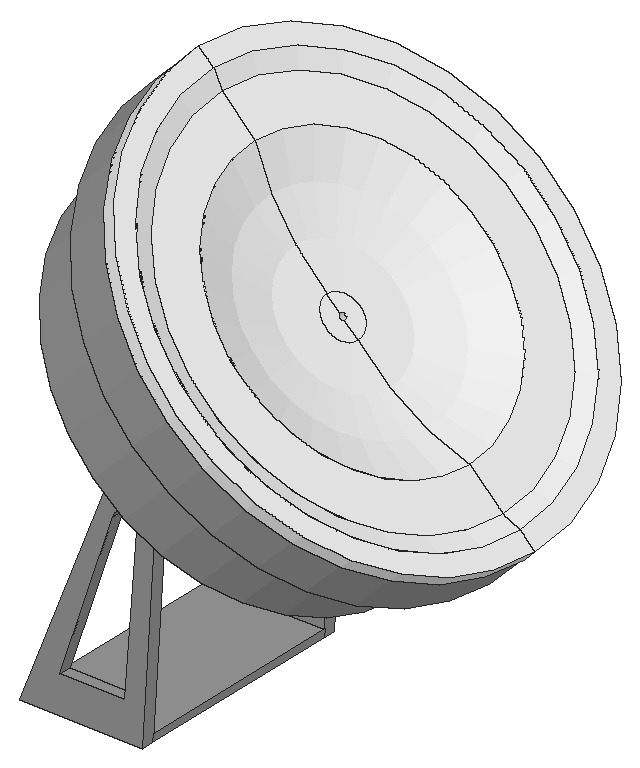
Revit family "Lighting_Outside_L&L-Luce&Light_Moby-P-3.1", category Lighting Fixtures, host Face, Revit 2020
Family settings
  Host = Face
  Round Connector Dimension = Use Diameter
  Part Type = Normal
  Cut with Voids When Loaded = No
  Light Source = No
  Shared = No
  Room Calculation Point = No
Parameters (values of type "MOBY P 3.1 L 2700K 30W 24Vdc")
  supporto = L&L Luce&Light - AISI 316L stainless steel
  ghiera = L&L Luce&Light - Glass
  Youtube clip = ""
  Weight Net (Kg) = "3.26"
  Uniformat II Description = ""
  Uniformat II Code = ""
  Uniclass 2015 Name = ""
  Uniclass 2015 Code = ""
  Uniclass 2.0 Description = ""
  Uniclass 2.0 Code = ""
  Uniclass 1.4 Description = ""
  Uniclass 1.4 Code = ""
  URL = "https://www.lucelight.it/en/"
  UNSPSC Code = ""
  Technical description = "https://www.lucelight.it/media/prodotti/st/ST_MOBY_P_31.pdf"
  Rotation Light [instance] = 45.00°
  Region South America = "AR, BO, BR, CL, CO, EC, FK, GF, GY, PE, PY, SR, UY, VE"
  Region Oceania = "AS, AU, CK, FJ, FM, GU, KI, MH, MP, NC, NF, NR, NU, NZ, PF, PG, PN, PW, SB, TK, TL, TO, TV, UM, WF, WS, VU"
  Region North America = "AG, AI, AW, BB, BL, BM, BQ, BS, BZ, CA, CR, CU, CW, DM, DO, GD, GL, GP, GT, HN, HT, JM, KN, KY, LC, MF, MQ, MS, MX, NI, PA, PM, PR, SV, SX, TC, TT, US, VC, VG, VI"
  Region Middle East = "AE, AF, BH, EG, IL, IQ, IR, JO, KW, LB, OM, PS, QA, SA, SY, TR, YE"
  Region Europe = "AD, AL, AT, AX, BA, BE, BG, BY, CH, CY, CZ, DE, DK, EE, ES, FI, FO, FR, GB, GG, GI, GR, HR, HU, IE, IM, IS, IT, JE, LI, LT, LU, LV, MC, MD, ME, MK, MT, NL, NO, PL, PT, RO, RS, RU, SE, SI, SJ, SK, SM, UA, VA"
  Region Asia = "AM, AZ, BD, BN, BT, CC, CN, CX, GE, HK, ID, IN, IO, JP, KG, KH, KP, KR, KZ, LA, LK, MM, MN, MO, MV, MY, NP, PH, PK, SG, TH, TJ, TM, TW, UZ, VN"
  Region Antarctica = "None"
  Region Africa = "AO, BF, BI, BJ, BW, CD, CF, CG, CI, CM, CV, DJ, DZ, EH, ER, ET, GA, GH, GM, GN, GQ, GW, KE, KM, LR, LS, LY, MA, MG, ML, MR, MU, MW, MZ, NA, NE, NG, RE, RW, SC, SD, SH, SL, SN, SO, SS, ST, SZ, TD, TG, TN, TZ, UG, YT, ZA, ZM, ZW"
  QR code = "http://bimobject.com/luce-and-light/product/Moby_P_31"
  Product url = "http://www.lucelight.it/en/prodotto.php/7636"
  Product group = "Projector"
  Product family = "Underwater"
  Product data url = "https://bimobject.com/luce-and-light/product/Moby_P_31"
  Product certification = ""
  Product SKU = "Moby_P_31"
  Product Guid = "004bfd0b-aa56-4f52-a695-122b3372f923"
  OmniClass Description = ""
  OmniClass Code = ""
  Nominal width = "193 mm"
  Nominal height = "216 mm"
  NBS Reference Description = ""
  NBS Reference Code = ""
  Masterformat 2014 Description = ""
  Masterformat 2014 Code = ""
  Manufacturer name = "L&L Luce&Light"
  Manufacturer country = "Italy"
  Luce-Light_lumen-output-at-source = "2537 lm (3000K),  RGBW: 1474 lm, R: 231 lm G: 432 lm B: 118 lm W: 693 lm (4000K),  cyan: 1303 lm"
  Luce-Light_Total_flow_rate = "1876 lm (3000K, 34°),  RGBW: 1090 lm, R: 171 lm, G: 319 lm, B: 87 lm, W: 513 lm (4000K, 34°),  cyan: 961 lm (34°)"
  Luce-Light_Screen_material = "glass cover with vitrified serigraphy"
  Luce-Light_Rated_power_input = ""
  Luce-Light_Power_Class = "24Vdc"
  Luce-Light_Power = "30W"
  Luce-Light_Optical_assembly = "22°, 34°, 62°, 31°x64°"
  Luce-Light_Note = ""
  Luce-Light_Mounting = "surface mounted (wall, floor), max depth 10 m"
  Luce-Light_LED_light_sources = "5 power LEDs groups, RGBW: 5 RGBW LEDs groups, Cyan: 5 Cyan LEDs groups"
  Luce-Light_LED_light_intensity = ""
  Luce-Light_LED_colour = "2700K, 3000K, 4000K, RGBW, shades of cyan"
  Luce-Light_IP = "68"
  Luce-Light_IK = "10"
  Luce-Light_Finishes_material = ""
  Luce-Light_Color_Rendering_Index_CRI = "≥80"
  Luce-Light_Classification = "CE"
  Luce-Light_Body_material = "body in thermally conductive plastic, bracket in AISI 316L stainless steel"
  Luce-Light_Applications = "underwater"
  Luce-Light_Accessories = "honeycomb louvre"
  Installation instructions = "https://www.lucelight.it/media/prodotti/si/DPRPMO311_Moby_P_10-11-20-21-30-31.pdf"
  IFC Classification = ""
  GTIN code = ""
  Edition number = 1
  Design country = "Italy"
  Default Elevation = 1219.2 mm
  Manufacturer = "L&L Luce&Light"
  Model = "Moby P 3.1"
  Lamp = "LED"
  Diametro apparecchio = 193 mm
  Description = ""
  Wattage Comments = ""
  Date of publishing = "12/19/2018"
  built-in parameter 1114216 [instance] = 1 (stored number, unit not read)
  COBIe Type Category = ""
  Brand url = "https://www.lucelight.it/en/"
  BIMobject main category code = "lighting"
  BIMobject main category = "Lighting"
  BIMobject category code = "lighting-outside"
  BIMobject category = "Outside"
  Assembly Code = ""
  Apparent Load = 30 VA
  Apparecchio = L&L Luce&Light - Thermally conductive plastic
Types (20): name
  MOBY P 3.1 L 2700K 30W 24Vdc
  MOBY P 3.1 L 3000K 30W 24Vdc
  MOBY P 3.1 L 4000K 30W 24Vdc
  MOBY P 3.1 L CYAN 30W 24Vdc
  MOBY P 3.1 L RGBW 30W 24Vdc
  MOBY P 3.1 M 2700K 30W 24Vdc
  MOBY P 3.1 M 3000K 30W 24Vdc
  MOBY P 3.1 M 4000K 30W 24Vdc
  MOBY P 3.1 M CYAN 30W 24Vdc
  MOBY P 3.1 M RGBW 30W 24Vdc
  MOBY P 3.1 S 2700K 30W 24Vdc
  MOBY P 3.1 S 3000K 30W 24Vdc
  MOBY P 3.1 S 4000K 30W 24Vdc
  MOBY P 3.1 S CYAN 30W 24Vdc
  MOBY P 3.1 S RGBW 30W 24Vdc
  MOBY P 3.1 W 2700K 30W 24Vdc
  MOBY P 3.1 W 3000K 30W 24Vdc
  MOBY P 3.1 W 4000K 30W 24Vdc
  MOBY P 3.1 W CYAN 30W 24Vdc
  MOBY P 3.1 W RGBW 30W 24Vdc
Reference planes
  plane 1 "Centro (Fronte/Retro)": y = 0
  plane 2: z = 0
  plane 3 "Centro (Sinistra/Destra)": x = 0
  plane 4: z = 105.514
Forms (mm)
  Extrusion 1, solid, material "L&L Luce&Light - AISI 316L stainless steel" <- "supporto"
    sketch origin (-0.279, 0, 0) x (1, 0, 0) y (0, 0, 1)
      loop
        line (-47.116, 0) -> (2.701, 0) -> (8.918, 103.43)
        arc (8.918, 103.43) -> (4.89, 111.752) -> (-4.16, 109.857) r 7.509
        line (-4.16, 109.857) -> (-47.116, 0)
      loop
        line (-31.141, 15) -> (-4.918, 15) -> (0.279, 77.862)
        arc (0.279, 77.862) -> (-4.057, 82.881) -> (-9.721, 79.431) r 5.131
        line (-9.721, 79.431) -> (-31.141, 15)
      loop
        circle (0.709, 105.516) r 4.106
    from 44.052 to 49.052
  Extrusion 2, solid, material "L&L Luce&Light - AISI 316L stainless steel" <- "supporto"
    sketch origin (-0.279, 0, 0) x (1, 0, 0) y (0, 0, 1)
      loop
        line (-47.116, 0) -> (2.701, 0) -> (8.918, 103.43)
        arc (8.918, 103.43) -> (4.89, 111.752) -> (-4.16, 109.857) r 7.509
        line (-4.16, 109.857) -> (-47.116, 0)
      loop
        circle (0.709, 105.516) r 4.106
      loop
        line (-4.918, 15) -> (0.414, 79.499)
        arc (0.414, 79.499) -> (-4.071, 83.412) -> (-9.333, 80.631) r 5.256
        line (-9.333, 80.631) -> (-31.141, 15) -> (-4.918, 15)
    from -47.246 to -42.246
  Extrusion 3, solid, material "L&L Luce&Light - AISI 316L stainless steel" <- "supporto"
    sketch origin (-1.871, 0, 0) x (1, 0, 0) y (0, 0, 1)
      loop
        line (4.292, 0) -> (4.568, 3.152) -> (-43.777, 3.152) -> (-45.525, 0) -> (4.292, 0)
    from -42.246 to 44.052
  Revolve 4, solid, material "Acciaio, qualità superiore"
    sketch origin (0, 0, 105.514) x (0.707107, 0, 0.707107) y (-0.707107, 0, 0.707107)
      loop
        line (-12.78, 30) -> (-12.78, 5) -> (55.352, 5)
        arc (55.352, 5) -> (55.896, 49.176) -> (70.352, 90.923) r 138.204
        line (70.352, 90.923) -> (70.352, 95.564) -> (50.352, 95.564) -> (50.352, 82.115) -> (12.351, 82.115) -> (12.351, 30) -> (-12.78, 30)
      axis (70.352, 0) -> (-12.78, 0)
    angle from 0 to 360
  Revolve 5, solid, material "L&L Luce&Light - Glass" <- "ghiera"
    sketch origin (0, 0, 105.514) x (0.707107, 0, 0.707107) y (-0.707107, 0, 0.707107)
      loop
        line (70.352, 96) -> (70.352, 62.374)
        arc (70.352, 62.374) -> (60.619, 36.328) -> (58.917, 8.576) r 94.153
        line (58.917, 8.576) -> (58.917, 1.524) -> (61.906, 1.524) -> (61.906, 8.836)
        arc (61.906, 8.836) -> (63.614, 35.986) -> (73.257, 61.423) r 91.153
        line (73.257, 61.423) -> (73.257, 80.3) -> (75.976, 87.698) -> (75.976, 96) -> (70.352, 96)
      axis (58.917, 0) -> (75.976, 0)
    angle from 0 to 360
  Revolve 6, solid, material "L&L Luce&Light - AISI 316L stainless steel" <- "supporto"
    sketch origin (0, 0, 0.171) x (0, 1, 0) y (0, 0, 1)
      loop
        line (47.246, 110.511) -> (47.246, 105.828) -> (50.444, 105.828) -> (50.444, 109.084)
        arc (50.444, 109.084) -> (49.65, 110.119) -> (48.407, 110.511) r 2.168
        line (48.407, 110.511) -> (47.246, 110.511)
      axis (47.246, 105.514) -> (50.444, 105.514)
    angle from 0 to 360
  Revolve 7, solid, material "L&L Luce&Light - AISI 316L stainless steel" <- "supporto"
    sketch origin (0, -1.845, 0.171) x (0, -1, 0) y (0, 0, 1)
      loop
        line (47.246, 110.511) -> (47.246, 105.828) -> (50.444, 105.828) -> (50.444, 109.084)
        arc (50.444, 109.084) -> (49.65, 110.119) -> (48.407, 110.511) r 2.168
        line (48.407, 110.511) -> (47.246, 110.511)
      axis (47.246, 105.514) -> (50.444, 105.514)
    angle from 0 to 360
  Extrusion 8, solid
    sketch origin (0, 0, 105.514) x (0.707107, 0, 0.707107) y (-0.707107, 0, 0.707107)
      loop
        line (12, 15.421) -> (-12, 15.421) -> (-12, -12) -> (12, -12) -> (12, 15.421)
    from 39.367 to 44.052
  Extrusion 9, solid
    sketch origin (0, 0, 105.514) x (0.707107, 0, 0.707107) y (-0.707107, 0, 0.707107)
      loop
        line (12, 15.421) -> (-12, 15.421) -> (-12, -12) -> (12, -12) -> (12, 15.421)
    from -42.246 to -38.155
Lines and regions (mm)
  reference lines
    curve 1: line (0, 0, 105.514) -> (56.569, 0, 162.083)
Dimensions and locks
  Extrusion 1 to Extrusion 2 = 86.298 mm
  locked: Extrusion 2 to Extrusion 2 at 5
  locked: Extrusion 1 to Extrusion 1 at 5
  "Rotation Light": angle plane 4 to curve 1
  aligned and locked: plane 2 to host face
  aligned and locked: level to host face
  aligned and locked: Extrusion 3 to Extrusion 2
  aligned and locked: Extrusion 3 to Extrusion 1
  aligned and locked: plane 4 to curve 1
  aligned and locked: plane 3 "Centro (Sinistra/Destra)" to curve 1
Automatic sketch dimensions
  host sketch curve to host sketch curve = 2438.4 mm  (x2)
  Extrusion 2 sketch curve to level = 0 mm
  Extrusion 2 sketch curve to plane 3 "Centro (Sinistra/Destra)" = 47.395 mm
  Extrusion 2 sketch curve to Extrusion 2 sketch curve = 15.975 mm
  Extrusion 2 sketch curve to plane 3 "Centro (Sinistra/Destra)" = 9.611 mm
  Extrusion 2 sketch curve to Extrusion 2 sketch curve = 4.656 mm
  Extrusion 2 sketch curve to plane 3 "Centro (Sinistra/Destra)" = 5.197 mm
  Extrusion 2 sketch curve to plane 3 "Centro (Sinistra/Destra)" = 4.439 mm
  Extrusion 2 sketch curve to Extrusion 2 sketch curve = 5.091 mm
  plane 4 to Extrusion 2 sketch curve = 0.002 mm
  plane 3 "Centro (Sinistra/Destra)" to Extrusion 2 sketch curve = 0.43 mm
  Extrusion 2 sketch curve to plane 4 = 0.501 mm
  Extrusion 2 sketch curve to Extrusion 2 sketch curve = 0.869 mm
  plane 3 "Centro (Sinistra/Destra)" to Extrusion 2 sketch curve = 2.422 mm
  Extrusion 2 sketch curve to plane 4 = 2.084 mm
  Extrusion 2 sketch curve to Extrusion 2 sketch curve = 7.34 mm
  level to Extrusion 2 sketch curve = 15 mm
  Extrusion 2 sketch curve to plane 4 = 27.323 mm
  Extrusion 2 sketch curve to Extrusion 2 sketch curve = 1.308 mm
  Extrusion 3 sketch curve to level = 0 mm
  Extrusion 3 sketch curve to plane 3 "Centro (Sinistra/Destra)" = 47.395 mm
  level to Extrusion 3 sketch curve = 3.152 mm
  Extrusion 3 sketch curve to Extrusion 3 sketch curve = 1.747 mm
  plane 3 "Centro (Sinistra/Destra)" to Extrusion 3 sketch curve = 2.422 mm
  plane 3 "Centro (Sinistra/Destra)" to Extrusion 3 sketch curve = 2.698 mm
  plane 4 to Revolve 6 sketch curve = 5.168 mm
  Revolve 6 sketch curve to plane 1 "Centro (Fronte/Retro)" = 47.246 mm
  Revolve 6 sketch curve to Revolve 6 sketch curve = 1.161 mm
  Revolve 6 sketch curve to Revolve 6 sketch curve = 2.037 mm
  Revolve 6 sketch curve to Revolve 6 sketch curve = 1.426 mm
  plane 4 to Revolve 6 sketch curve = 0.485 mm
  plane 4 to Revolve 6 sketch curve = 0.171 mm
  Revolve 6 sketch curve to Revolve 6 sketch curve = 1.264 mm
  Revolve 6 sketch curve to Revolve 6 sketch curve = 0.075 mm
  Revolve 7 sketch curve to plane 4 = 5.168 mm
  Revolve 7 sketch curve to plane 1 "Centro (Fronte/Retro)" = 49.091 mm
  Revolve 7 sketch curve to Revolve 7 sketch curve = 1.161 mm
  Revolve 7 sketch curve to Revolve 7 sketch curve = 2.037 mm
  Revolve 7 sketch curve to Revolve 7 sketch curve = 1.426 mm
  Revolve 7 sketch curve to plane 4 = 0.485 mm
  Revolve 7 sketch curve to plane 4 = 0.171 mm
  Revolve 7 sketch curve to Revolve 7 sketch curve = 1.264 mm
  Revolve 7 sketch curve to Revolve 7 sketch curve = 0.075 mm
  Extrusion 8 sketch curve to curve 1 = 12 mm
  curve 1 to Extrusion 8 sketch curve = 12 mm  (x2)
  curve 1 to Extrusion 8 sketch curve = 15.421 mm
  Extrusion 9 sketch curve to curve 1 = 12 mm
  curve 1 to Extrusion 9 sketch curve = 12 mm  (x2)
  curve 1 to Extrusion 9 sketch curve = 15.421 mm
  Extrusion 1 sketch curve to level = 0 mm
  Extrusion 1 sketch curve to plane 3 "Centro (Sinistra/Destra)" = 0 mm
  Extrusion 1 sketch curve to plane 3 "Centro (Sinistra/Destra)" = 4.439 mm
  Extrusion 1 sketch curve to plane 3 "Centro (Sinistra/Destra)" = 5.131 mm
  Extrusion 1 sketch curve to plane 3 "Centro (Sinistra/Destra)" = 5.197 mm
  Extrusion 1 sketch curve to Extrusion 1 sketch curve = 26.223 mm
  Extrusion 1 sketch curve to Extrusion 1 sketch curve = 15.975 mm
  plane 4 to Extrusion 1 sketch curve = 0.002 mm
  plane 3 "Centro (Sinistra/Destra)" to Extrusion 1 sketch curve = 0.43 mm
  Extrusion 1 sketch curve to plane 4 = 0.501 mm
  Extrusion 1 sketch curve to Extrusion 1 sketch curve = 0.869 mm
  plane 3 "Centro (Sinistra/Destra)" to Extrusion 1 sketch curve = 2.422 mm
  Extrusion 1 sketch curve to plane 4 = 2.084 mm
  Extrusion 1 sketch curve to Extrusion 1 sketch curve = 7.34 mm
  level to Extrusion 1 sketch curve = 15 mm
  Extrusion 1 sketch curve to plane 4 = 27.702 mm
  Extrusion 1 sketch curve to plane 3 "Centro (Sinistra/Destra)" = 3.676 mm
  Extrusion 1 sketch curve to Extrusion 1 sketch curve = 4.869 mm
  Extrusion 1 sketch curve to Extrusion 1 sketch curve = 0.05 mm
  Revolve 5 sketch curve to Revolve 5 sketch curve = 0 mm  (x2)
  Revolve 5 sketch curve to curve 1 = 0 mm
  Revolve 5 sketch curve to curve 1 = 1.524 mm
  Revolve 5 sketch curve to curve 1 = 21.083 mm
  Revolve 5 sketch curve to Revolve 5 sketch curve = 2.989 mm
  Revolve 5 sketch curve to curve 1 = 9.648 mm
  Revolve 5 sketch curve to curve 1 = 6.743 mm
  Revolve 5 sketch curve to curve 1 = 4.024 mm
  Revolve 5 sketch curve to curve 1 = 16.753 mm
  curve 1 to Revolve 5 sketch curve = 72.715 mm
  Revolve 5 sketch curve to Revolve 5 sketch curve = 7.051 mm
  Revolve 5 sketch curve to Revolve 5 sketch curve = 0.261 mm
  curve 1 to Revolve 5 sketch curve = 80.3 mm
  curve 1 to Revolve 5 sketch curve = 87.698 mm
  curve 1 to Revolve 5 sketch curve = 96 mm
  Revolve 5 sketch curve to Revolve 5 sketch curve = 18.917 mm
  curve 1 to Revolve 5 sketch curve = 5 mm
  Revolve 4 sketch curve to curve 1 = 0 mm
  Revolve 4 sketch curve to curve 1 = 12.78 mm
  curve 1 to Revolve 4 sketch curve = 12.351 mm
  Revolve 4 sketch curve to curve 1 = 29.648 mm
  Revolve 4 sketch curve to curve 1 = 5 mm
  Revolve 4 sketch curve to curve 1 = 24.648 mm
  Revolve 4 sketch curve to curve 1 = 9.648 mm
  Revolve 4 sketch curve to curve 1 = 25.408 mm
  curve 1 to Revolve 4 sketch curve = 112.041 mm
  curve 1 to Revolve 4 sketch curve = 30 mm
  curve 1 to Revolve 4 sketch curve = 82.115 mm
  Revolve 4 sketch curve to Revolve 4 sketch curve = 13.449 mm
  Revolve 4 sketch curve to Revolve 4 sketch curve = 25 mm
  Revolve 4 sketch curve to Revolve 4 sketch curve = 5 mm
  radius of Extrusion 2 sketch curve = 4.106 mm
Nested families
  nested 1: "Famiglia2" at (44.852, 0, 148.21) x (0, 1, 0) z (0.7071, 0, 0.7071), type "MOBY P 3.1 L 2700K 30W 24Vdc"
Connectors
  electrical at (-21.475, -0.903, 3.152)
    settings: on Extrusion 3, index 1, voltage 0 V, apparent load 0 VA, apparent load phase1 30 VA, apparent load phase2 0 VA, apparent load phase3 0 VA, power factor 1, load classification "Altro", number of poles 1, system type 31, power factor state 1, is connector primary yes, connector utility no, sub classification motor no, connector description ""
Definition of nested family "Famiglia2"
  Parameters (values of type "MOBY P 3.1 W 2700K 30W 24Vdc")
    Wattage = 30 W
    Emit from Circle Diameter = 155 mm
    Emit Shape Visible in Rendering = no
    Dimming Lamp Color Temperature Shift = (empty or 0)
    built-in parameter 1150107 = 2700 (stored number, unit not read)
    Default Elevation = 1219.2 mm
    built-in parameter 1150110 = 1 (stored number, unit not read)
    built-in parameter 1150109 = 1 (stored number, unit not read)
    built-in parameter 1114218 = 1 (stored number, unit not read)
    built-in parameter 1150112 = 1 (stored number, unit not read)
    built-in parameter 1150137 = (empty or 0)
    built-in parameter 1150132 = (empty or 0)
    Lamp = "Led"
    built-in parameter 1150105 = 201.9 (stored number, unit not read)
    built-in parameter 1150102 = (empty or 0)
    built-in parameter 1150106 = 2.019 (stored number, unit not read)
    Lumens = 2537.1 lm
    Color Filter = 16777215
    Photometric Web File = "MOBY P 3.1 W [2700K 30W 24Vdc].IES"
    built-in parameter 1114217 = 1 (stored number, unit not read)
    built-in parameter 1150139 = (empty or 0)
    built-in parameter 1150104 = 7.8568 (stored number, unit not read)
    built-in parameter 1150115 = 1 (stored number, unit not read)
    built-in parameter 1150114 = 1 (stored number, unit not read)
    built-in parameter 1150113 = 1 (stored number, unit not read)
    built-in parameter 1150134 = (empty or 0)
    built-in parameter 1150138 = (empty or 0)
    Apparent Load = 30 VA
    Tilt Angle = 90.00°
    built-in parameter 1150133 = 10 (stored number, unit not read)
  Types (20, lengths in mm): name | built-in parameter 1150107 | Photometric Web File | built-in parameter 1150134
    MOBY P 3.1 L 2700K 30W 24Vdc | 2700 (stored number, unit not read) | "MOBY P 3.1 L [2700K 30W 24Vdc].IES" | (empty or 0)
    MOBY P 3.1 L 3000K 30W 24Vdc | 3000 (stored number, unit not read) | "MOBY P 3.1 L [3000K 30W 24Vdc].IES" | (empty or 0)
    MOBY P 3.1 L 4000K 30W 24Vdc | 4000 (stored number, unit not read) | "MOBY P 3.1 L [4000K 30W 24Vdc].IES" | 12
    MOBY P 3.1 L CYAN 30W 24Vdc | 2700 (stored number, unit not read) | "MOBY P 3.1 L [CYAN 30W 24Vdc].IES" | (empty or 0)
    MOBY P 3.1 L RGBW 30W 24Vdc | 2700 (stored number, unit not read) | "MOBY P 3.1 L [RGBW 30W 24Vdc].IES" | (empty or 0)
    MOBY P 3.1 M 2700K 30W 24Vdc | 2700 (stored number, unit not read) | "MOBY P 3.1 M [2700K 30W 24Vdc].IES" | (empty or 0)
    MOBY P 3.1 M 3000K 30W 24Vdc | 3000 (stored number, unit not read) | "MOBY P 3.1 M [3000K 30W 24Vdc].IES" | (empty or 0)
    MOBY P 3.1 M 4000K 30W 24Vdc | 4000 (stored number, unit not read) | "MOBY P 3.1 M [4000K 30W 24Vdc].IES" | 12
    MOBY P 3.1 M CYAN 30W 24Vdc | 2700 (stored number, unit not read) | "MOBY P 3.1 M [CYAN 30W 24Vdc].IES" | (empty or 0)
    MOBY P 3.1 M RGBW 30W 24Vdc | 2700 (stored number, unit not read) | "MOBY P 3.1 M [RGBW 30W 24Vdc].IES" | (empty or 0)
    MOBY P 3.1 S 2700K 30W 24Vdc | 2700 (stored number, unit not read) | "MOBY P 3.1 S [2700K 30W 24Vdc].IES" | (empty or 0)
    MOBY P 3.1 S 3000K 30W 24Vdc | 3000 (stored number, unit not read) | "MOBY P 3.1 S [3000K 30W 24Vdc].IES" | (empty or 0)
    MOBY P 3.1 S 4000K 30W 24Vdc | 4000 (stored number, unit not read) | "MOBY P 3.1 S [4000K 30W 24Vdc].IES" | 12
    MOBY P 3.1 S CYAN 30W 24Vdc | 2700 (stored number, unit not read) | "MOBY P 3.1 S [CYAN 30W 24Vdc].IES" | (empty or 0)
    MOBY P 3.1 S RGBW 30W 24Vdc | 2700 (stored number, unit not read) | "MOBY P 3.1 S [RGBW 30W 24Vdc].IES" | (empty or 0)
    MOBY P 3.1 W 2700K 30W 24Vdc | 2700 (stored number, unit not read) | "MOBY P 3.1 W [2700K 30W 24Vdc].IES" | (empty or 0)
    MOBY P 3.1 W 3000K 30W 24Vdc | 3000 (stored number, unit not read) | "MOBY P 3.1 W [3000K 30W 24Vdc].IES" | (empty or 0)
    MOBY P 3.1 W 4000K 30W 24Vdc | 4000 (stored number, unit not read) | "MOBY P 3.1 W [4000K 30W 24Vdc].IES" | 12
    MOBY P 3.1 W CYAN 30W 24Vdc | 2700 (stored number, unit not read) | "MOBY P 3.1 W [CYAN 30W 24Vdc].IES" | (empty or 0)
    MOBY P 3.1 W RGBW 30W 24Vdc | 2700 (stored number, unit not read) | "MOBY P 3.1 W [RGBW 30W 24Vdc].IES" | (empty or 0)
  Reference planes
    plane 1 "Centro (Fronte/Retro)": y = 0
    plane 2: z = 0
    plane 3 "Centro (Sinistra/Destra)": x = 0
  Forms (mm)
    Extrusion 1, solid
      sketch origin (0, 0, 0) x (1, 0, 0) y (0, 1, 0)
        loop
          line (-1219.2, 1219.2) -> (-1219.2, -1219.2) -> (1219.2, -1219.2) -> (1219.2, 1219.2) -> (-1219.2, 1219.2)
      from 0 to -304.8
  Dimensions and locks
    aligned and locked: plane 2 to Extrusion 1
    aligned and locked: level to Extrusion 1
